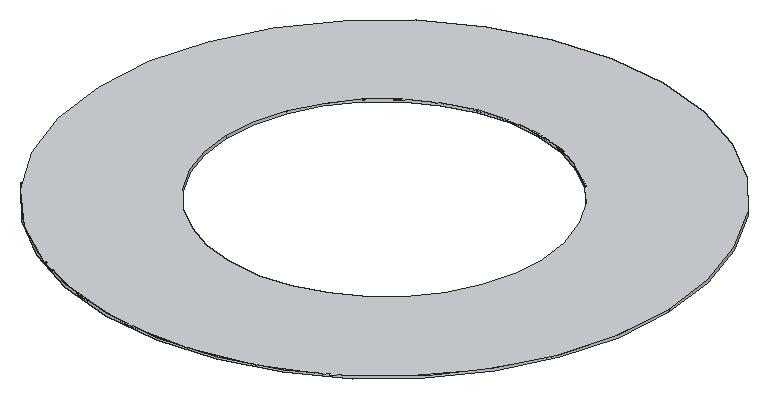
Revit family
Reference planes
  plane 1 "Center (Front/Back)": y = 0
  plane 2: z = 0
  plane 3 "Center (Left/Right)": x = 0
  plane 4: z = 1
  plane 5: y = 112.5
  plane 6: y = -112.5
  plane 7: y = 62.5
  plane 8: y = -62.5
Forms (mm)
  Extrusion 1, solid
    sketch origin (0, 0, 0) x (1, 0, 0) y (0, 1, 0)
      loop
        circle (0, 0) r 112.5
      loop
        circle (0, 0) r 62.5
    from 0 to 1
Dimensions and locks
  plane 5 to plane 6 = 225 mm
  plane 8 to plane 7 = 125 mm
